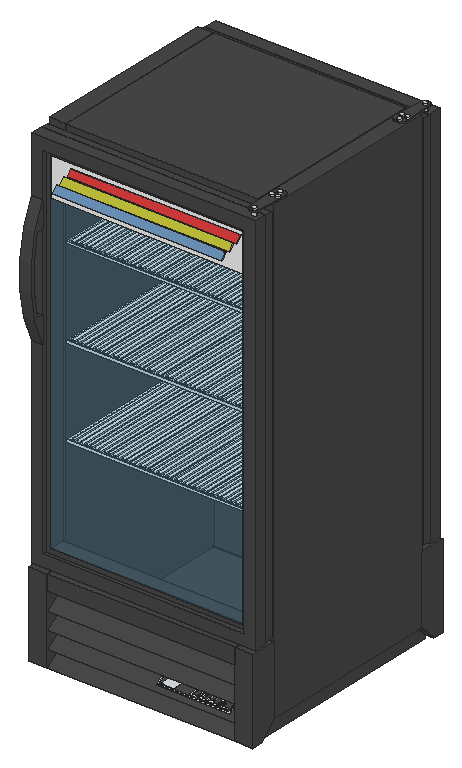
Revit family "QF_TRUE_GDM-10PT-HC~TSL01", category Specialty Equipment, Revit 2016 (continued)
Definition of nested family "GDM-10PT-HC-TSL01"
  Automatic sketch dimensions
    plane 4 "RIGHT" to Extrusion 45 sketch curve = 2.85165"
    Extrusion 45 sketch curve to Extrusion 45 sketch curve = 0.38386"  (x2)
    plane 3 "LEFT" to Extrusion 45 sketch curve = 3 7/32"
    Extrusion 45 sketch curve to plane 6 "TOP" = 4.96006"
    Extrusion 45 sketch curve to Extrusion 45 sketch curve = 1"
    plane 4 "RIGHT" to Extrusion 46 sketch curve = 3.66736"
    Extrusion 46 sketch curve to Extrusion 46 sketch curve = 0.38386"  (x2)
    plane 3 "LEFT" to Extrusion 46 sketch curve = 2.41902"
    Extrusion 46 sketch curve to plane 6 "TOP" = 3.83506"
    Extrusion 46 sketch curve to Extrusion 46 sketch curve = 1"
    plane 4 "RIGHT" to Extrusion 47 sketch curve = 2.03594"
    Extrusion 47 sketch curve to Extrusion 47 sketch curve = 0.38386"  (x2)
    plane 3 "LEFT" to Extrusion 47 sketch curve = 4.04011"
    Extrusion 47 sketch curve to plane 6 "TOP" = 6.08506"
    Extrusion 47 sketch curve to Extrusion 47 sketch curve = 1"
    Extrusion 48 sketch curve to Extrusion 37 = 4 21/32"
    Extrusion 37 to Extrusion 48 sketch curve = 12 13/32"
    plane 4 "RIGHT" to Extrusion 49 sketch curve = 1 3/4"
    Extrusion 49 sketch curve to plane 6 "TOP" = 6.58506"
    plane 10 to Extrusion 49 sketch curve = 11 13/16"
    plane 3 "LEFT" to Extrusion 49 sketch curve = 1 3/4"
    radius of Extrusion 19 sketch curve = 1/8"  (x41)
    radius of Extrusion 21 sketch curve = 1/8"  (x41)
    radius of Extrusion 23 sketch curve = 1/8"  (x41)
    radius of Extrusion 25 sketch curve = 1/4"  (x3)
    radius of Extrusion 43 sketch curve = 1/4"  (x3)
    radius of Extrusion 48 sketch curve = 1/4"
  Nested families (in)
    nested 1: "QF_LOGO_TRUE" at (13.73437, -25.70655, 2.22774), Show Logo <- "Show Logo", type "QF_LOGO_TRUE", detail levels medium+fine
      with Show Logo yes
  Connectors (in)
    electrical at (12.40625, -1.26521, 5.34375), driven by "Volts", driven by "Watts"
      settings: on Extrusion 37, index 1, voltage 0 V, apparent load 253 VA, apparent load phase1 0 VA, apparent load phase2 0 VA, apparent load phase3 0 VA, power factor 1, load classification none, number of poles 1, system type 30, power factor state 1, is connector primary yes, connector utility no, sub classification motor no, connector description "ELECTRICAL CONNECTION"
  Definition of nested family "QF_LOGO_TRUE"
    Parameters (values of type "QF_LOGO_TRUE")
      Show Logo [instance] = yes
    Reference planes (in)
      plane 1 "Center (Front/Back)": y = 0
      plane 2: z = 0
      plane 3 "Center (Left/Right)": x = 0
    Forms (in)
      Extrusion 1, solid, visible <- "Show Logo"
        sketch origin (-78.34647, -5.69797, -45.41461) x (1, 0, 0) y (0, 0.811961, 0.583711)
          loop
            line (81.15226, 31.65456) -> (81.07353, 31.48573) -> (82.12083, 31.48573)
            arc (82.12083, 31.48573) -> (82.14208, 31.44814) -> (82.12083, 31.41055) r 0.04386
            line (82.12083, 31.41055) -> (81.84767, 30.82478)
            arc (81.84767, 30.82478) -> (81.84531, 30.77052) -> (81.882, 30.73048) r 0.07096
            line (81.882, 30.73048) -> (82.55165, 30.73048)
            arc (82.55165, 30.73048) -> (82.63621, 30.75714) -> (82.69019, 30.82748) r 0.14742
            line (82.69019, 30.82748) -> (82.90515, 31.28847) -> (83.10265, 31.28847)
            arc (83.10265, 31.28847) -> (83.15447, 31.26942) -> (83.14697, 31.21472) r 0.04405
            line (83.14697, 31.21472) -> (82.9671, 30.82899)
            arc (82.9671, 30.82899) -> (82.9699, 30.76493) -> (83.02398, 30.73048) r 0.06943
            line (83.02398, 30.73048) -> (83.6124, 30.73048)
            arc (83.6124, 30.73048) -> (83.65748, 30.74689) -> (83.68147, 30.78844) r 0.07014
            arc (83.68147, 30.78844) -> (83.69845, 30.74745) -> (83.73943, 30.73048) r 0.05796
            line (83.73943, 30.73048) -> (84.112, 30.73048)
            arc (84.112, 30.73048) -> (84.15504, 30.74201) -> (84.18655, 30.77352) r 0.08608
            arc (84.18655, 30.77352) -> (84.20164, 30.7371) -> (84.23806, 30.72202) r 0.0515
            line (84.23806, 30.72202) -> (84.76757, 30.72202)
            arc (84.76757, 30.72202) -> (84.81086, 30.73995) -> (84.8288, 30.78324) r 0.06122
            arc (84.8288, 30.78324) -> (84.86848, 30.74355) -> (84.92269, 30.72903) r 0.10842
            line (84.92269, 30.72903) -> (85.91461, 30.72903) -> (86.02479, 30.91987) -> (85.0243, 30.91987)
            arc (85.0243, 30.91987) -> (84.99669, 30.93902) -> (84.99566, 30.97261) r 0.03732
            line (84.99566, 30.97261) -> (85.01297, 31.00972)
            arc (85.01297, 31.00972) -> (85.03954, 31.04453) -> (85.0813, 31.05774) r 0.07263
            line (85.0813, 31.05774) -> (85.40289, 31.05774)
            arc (85.40289, 31.05774) -> (85.4723, 31.07633) -> (85.52311, 31.12715) r 0.13882
            line (85.52311, 31.12715) -> (85.61625, 31.28847)
            arc (85.61625, 31.28847) -> (85.61625, 31.37458) -> (85.54168, 31.41763) r 0.08611
            line (85.54168, 31.41763) -> (85.20227, 31.41763)
            arc (85.20227, 31.41763) -> (85.11574, 31.40294) -> (85.05538, 31.33923) r 0.13863
            line (85.05538, 31.33923) -> (84.89409, 30.99333)
            arc (84.89409, 30.99333) -> (84.84649, 30.9313) -> (84.77191, 30.90778) r 0.13002
            line (84.77191, 30.90778) -> (84.41984, 30.90778)
            arc (84.41984, 30.90778) -> (84.3777, 30.95378) -> (84.38042, 31.0161) r 0.08151
            line (84.38042, 31.0161) -> (84.56766, 31.41763) -> (84.44849, 31.41763) -> (84.25012, 30.99222)
            arc (84.25012, 30.99222) -> (84.21158, 30.94199) -> (84.15119, 30.92296) r 0.10527
            line (84.15119, 30.92296) -> (83.90842, 30.92296)
            arc (83.90842, 30.92296) -> (83.8674, 30.97642) -> (83.87619, 31.04323) r 0.08805
            line (83.87619, 31.04323) -> (84.05078, 31.41763) -> (83.92772, 31.41763) -> (83.72676, 30.98668)
            arc (83.72676, 30.98668) -> (83.68011, 30.94003) -> (83.61639, 30.92296) r 0.12745
            line (83.61639, 30.92296) -> (83.26484, 30.92296)
            arc (83.26484, 30.92296) -> (83.2017, 30.9524) -> (83.19563, 31.0218) r 0.06967
            line (83.19563, 31.0218) -> (83.31118, 31.26961) -> (83.47452, 31.26961)
            arc (83.47452, 31.26961) -> (83.50209, 31.35268) -> (83.56075, 31.41763) r 0.21289
            line (83.56075, 31.41763) -> (82.92244, 31.41763)
            arc (82.92244, 31.41763) -> (82.85151, 31.40191) -> (82.80242, 31.34834) r 0.12081
            line (82.80242, 31.34834) -> (82.6294, 30.9773)
            arc (82.6294, 30.9773) -> (82.58962, 30.93752) -> (82.53528, 30.92296) r 0.10869
            line (82.53528, 30.92296) -> (82.1542, 30.92296)
            arc (82.1542, 30.92296) -> (82.12446, 30.96315) -> (82.13012, 31.01283) r 0.06822
            line (82.13012, 31.01283) -> (82.38156, 31.48573) -> (83.01596, 31.48573) -> (83.09469, 31.65456) -> (82.46029, 31.65456) -> (82.53902, 31.8234) -> (82.31334, 31.8234) -> (82.23461, 31.65456) -> (81.15226, 31.65456)
          loop
            arc (85.15937, 31.26434) -> (85.13191, 31.25698) -> (85.1118, 31.23688) r 0.05494
            line (85.1118, 31.23688) -> (85.09547, 31.18665)
            arc (85.09547, 31.18665) -> (85.10304, 31.16837) -> (85.12133, 31.16079) r 0.02586
            line (85.12133, 31.16079) -> (85.39889, 31.16079)
            arc (85.39889, 31.16079) -> (85.41888, 31.16523) -> (85.43513, 31.1777) r 0.04731
            line (85.43513, 31.1777) -> (85.44863, 31.2402)
            arc (85.44863, 31.2402) -> (85.44466, 31.25693) -> (85.42914, 31.26434) r 0.01994
            line (85.42914, 31.26434) -> (85.15937, 31.26434)
          loop
            line (78.62961, 30.74125) -> (80.12032, 30.74125) -> (80.73891, 31.81268) -> (79.2482, 31.81268) -> (78.62961, 30.74125)
        from 34.76797 to 34.83173
      Extrusion 2, solid, visible <- "Show Logo"
        sketch origin (-142.84857, -8.01816, -47.06044) x (1, 0, 0) y (0, 0.811961, 0.583711)
          loop
            line (150.81107, 34.71978) -> (142.98607, 34.71978) -> (142.98607, 33.4921) -> (150.81107, 33.4921) -> (150.81107, 34.71978)
        from 34.75108 to 34.78125
      Extrusion 3, solid, visible <- "Show Logo"
        sketch origin (-142.84857, -8.01816, -47.06044) x (1, 0, 0) y (0, 0.811961, 0.583711)
          loop
            line (150.94857, 34.85727) -> (142.84857, 34.85727) -> (142.84857, 33.3546) -> (150.94857, 33.3546) -> (150.94857, 34.85727)
          loop
            line (142.98607, 34.71978) -> (142.98607, 33.4921) -> (150.81107, 33.4921) -> (150.81107, 34.71978) -> (142.98607, 34.71978)
        from 34.75108 to 34.81376
      Extrusion 4, solid, not visible
        sketch origin (121.45701, -16.5, 4.98235) x (1, 0, 0) y (0, 0, 1)
          loop
            line (25.20115, 35.89949) -> (25.20115, 33.96647) -> (30.95381, 33.96647) -> (30.95381, 35.89949) -> (25.20115, 35.89949)
        from 31.5 to 31.54261
      Extrusion 5, solid, not visible
        sketch origin (121.45701, -16.5, 4.98235) x (1, 0, 0) y (0, 0, 1)
          loop
            line (26.7387, 34.95472) -> (26.61492, 34.49276) -> (27.038, 34.49276)
            arc (27.038, 34.49276) -> (27.13117, 34.52484) -> (27.18485, 34.60749) r 0.15134
            arc (27.18485, 34.60749) -> (27.20396, 34.68138) -> (27.22435, 34.75493) r 4.37326
            arc (27.22435, 34.75493) -> (27.23458, 34.81765) -> (27.22435, 34.88037) r 0.1974
            arc (27.22435, 34.88037) -> (27.18247, 34.93579) -> (27.11563, 34.95472) r 0.10914
            line (27.11563, 34.95472) -> (26.7387, 34.95472)
          loop
            line (26.90201, 34.80638) -> (26.84645, 34.59903) -> (26.92855, 34.59903)
            arc (26.92855, 34.59903) -> (26.98205, 34.6185) -> (27.01051, 34.6678) r 0.08322
            line (27.01051, 34.6678) -> (27.02399, 34.74424)
            arc (27.02399, 34.74424) -> (27.01491, 34.78454) -> (26.97985, 34.80638) r 0.05353
            line (26.97985, 34.80638) -> (26.90201, 34.80638)
          loop
            line (27.45336, 34.66131) -> (27.76233, 34.66131) -> (27.78859, 34.73909)
            arc (27.78859, 34.73909) -> (27.7878, 34.82039) -> (27.73107, 34.87864) r 0.10925
            arc (27.73107, 34.87864) -> (27.68233, 34.8944) -> (27.63139, 34.89974) r 0.24595
            line (27.63139, 34.89974) -> (27.46708, 34.89974)
            arc (27.46708, 34.89974) -> (27.4068, 34.88073) -> (27.3535, 34.84677) r 0.2421
            arc (27.3535, 34.84677) -> (27.2897, 34.76363) -> (27.26702, 34.66131) r 0.2421
            line (27.26702, 34.66131) -> (27.26702, 34.54477)
            arc (27.26702, 34.54477) -> (27.31618, 34.4956) -> (27.38334, 34.47761) r 0.13431
            line (27.38334, 34.47761) -> (27.59054, 34.47761)
            arc (27.59054, 34.47761) -> (27.63459, 34.48281) -> (27.67622, 34.49812) r 0.18924
            line (27.67622, 34.49812) -> (27.73102, 34.61563)
            arc (27.73102, 34.61563) -> (27.68453, 34.59565) -> (27.63566, 34.58252) r 0.35376
            arc (27.63566, 34.58252) -> (27.55885, 34.56956) -> (27.48204, 34.58252) r 0.23415
            arc (27.48204, 34.58252) -> (27.44492, 34.61362) -> (27.45336, 34.66131) r 0.04838
          loop
            line (27.4842, 34.73042) -> (27.62012, 34.73042) -> (27.62621, 34.76496)
            arc (27.62621, 34.76496) -> (27.58961, 34.80242) -> (27.53739, 34.80638) r 0.0742
            arc (27.53739, 34.80638) -> (27.49747, 34.77773) -> (27.4842, 34.73042) r 0.0742
          loop
            line (27.91616, 34.97572) -> (27.78675, 34.49276) -> (27.98645, 34.49276) -> (28.11586, 34.97572) -> (27.91616, 34.97572)
          loop
            line (28.13678, 34.66131) -> (28.08755, 34.47761) -> (28.27134, 34.47761) -> (28.32056, 34.66131) -> (28.43674, 34.66131) -> (28.47974, 34.78864) -> (28.36519, 34.78864)
            arc (28.36519, 34.78864) -> (28.35733, 34.81649) -> (28.36921, 34.84288) r 0.04231
            arc (28.36921, 34.84288) -> (28.431, 34.8652) -> (28.49617, 34.85686) r 0.13988
            line (28.49617, 34.85686) -> (28.53544, 34.97317)
            arc (28.53544, 34.97317) -> (28.39725, 34.99096) -> (28.25905, 34.97317) r 0.54546
            arc (28.25905, 34.97317) -> (28.20849, 34.91994) -> (28.18197, 34.85147) r 0.1894
            line (28.18197, 34.85147) -> (28.17089, 34.78864) -> (28.11397, 34.78864) -> (28.07985, 34.66131) -> (28.13678, 34.66131)
          loop
            arc (28.74846, 34.89756) -> (28.65884, 34.88533) -> (28.56922, 34.89756) r 0.33455
            line (28.56922, 34.89756) -> (28.45669, 34.47761) -> (28.63593, 34.47761) -> (28.74846, 34.89756)
          loop
            arc (28.60398, 35.01195) -> (28.57699, 34.97173) -> (28.60398, 34.9315) r 0.04347
            line (28.60398, 34.9315) -> (28.75755, 34.9315)
            arc (28.75755, 34.9315) -> (28.78645, 34.96687) -> (28.77911, 35.01195) r 0.0556
            line (28.77911, 35.01195) -> (28.60398, 35.01195)
          loop
            line (28.95336, 34.66131) -> (29.26233, 34.66131) -> (29.28859, 34.73909)
            arc (29.28859, 34.73909) -> (29.2878, 34.82039) -> (29.23107, 34.87864) r 0.10925
            arc (29.23107, 34.87864) -> (29.18233, 34.8944) -> (29.13139, 34.89974) r 0.24595
            line (29.13139, 34.89974) -> (28.96708, 34.89974)
            arc (28.96708, 34.89974) -> (28.9068, 34.88073) -> (28.8535, 34.84677) r 0.2421
            arc (28.8535, 34.84677) -> (28.7897, 34.76363) -> (28.76702, 34.66131) r 0.2421
            line (28.76702, 34.66131) -> (28.76702, 34.54477)
            arc (28.76702, 34.54477) -> (28.81618, 34.4956) -> (28.88334, 34.47761) r 0.13431
            line (28.88334, 34.47761) -> (29.09054, 34.47761)
            arc (29.09054, 34.47761) -> (29.13459, 34.48281) -> (29.17622, 34.49812) r 0.18924
            line (29.17622, 34.49812) -> (29.23102, 34.61563)
            arc (29.23102, 34.61563) -> (29.18453, 34.59565) -> (29.13566, 34.58252) r 0.35376
            arc (29.13566, 34.58252) -> (29.05885, 34.56956) -> (28.98204, 34.58252) r 0.23415
            arc (28.98204, 34.58252) -> (28.94492, 34.61362) -> (28.95336, 34.66131) r 0.04838
          loop
            line (28.9842, 34.73042) -> (29.12012, 34.73042) -> (29.12621, 34.76496)
            arc (29.12621, 34.76496) -> (29.08961, 34.80242) -> (29.03739, 34.80638) r 0.0742
            arc (29.03739, 34.80638) -> (28.99747, 34.77773) -> (28.9842, 34.73042) r 0.0742
          loop
            line (29.41616, 34.97572) -> (29.28675, 34.49276) -> (29.48645, 34.49276) -> (29.61586, 34.97572) -> (29.41616, 34.97572)
          loop
            line (29.99836, 34.97572) -> (29.95192, 34.80242)
            arc (29.95192, 34.80242) -> (29.94473, 34.85705) -> (29.90102, 34.89059) r 0.07199
            arc (29.90102, 34.89059) -> (29.80023, 34.89941) -> (29.70251, 34.87322) r 0.29131
            arc (29.70251, 34.87322) -> (29.61806, 34.7652) -> (29.5896, 34.63108) r 0.30433
            line (29.5896, 34.63108) -> (29.5896, 34.55572)
            arc (29.5896, 34.55572) -> (29.61075, 34.50463) -> (29.66184, 34.48348) r 0.07224
            line (29.66184, 34.48348) -> (29.78537, 34.48348)
            arc (29.78537, 34.48348) -> (29.83854, 34.51313) -> (29.88504, 34.55243) r 0.31609
            line (29.88504, 34.55243) -> (29.86905, 34.49276) -> (30.05973, 34.49276) -> (30.18914, 34.97572) -> (29.99836, 34.97572)
          loop
            arc (29.84537, 34.75931) -> (29.79424, 34.71128) -> (29.77745, 34.64317) r 0.12371
            arc (29.77745, 34.64317) -> (29.80071, 34.59901) -> (29.85056, 34.59647) r 0.05045
            arc (29.85056, 34.59647) -> (29.90141, 34.64047) -> (29.92536, 34.7033) r 0.13769
            arc (29.92536, 34.7033) -> (29.90211, 34.75521) -> (29.84537, 34.75931) r 0.05543
          loop
            line (26.45047, 35.26762) -> (26.58211, 35.26762)
            arc (26.58211, 35.26762) -> (26.60467, 35.30821) -> (26.62126, 35.35157) r 0.3277
            arc (26.62126, 35.35157) -> (26.62714, 35.39992) -> (26.60877, 35.44503) r 0.09693
            arc (26.60877, 35.44503) -> (26.56454, 35.48868) -> (26.50462, 35.50516) r 0.12312
            arc (26.50462, 35.50516) -> (26.44158, 35.50565) -> (26.37854, 35.50546) r 5.76967
            arc (26.37854, 35.50546) -> (26.07462, 35.42923) -> (25.81045, 35.26076) r 0.97743
            line (25.81045, 35.26076) -> (25.85921, 35.26076)
            arc (25.85921, 35.26076) -> (26.08494, 35.39361) -> (26.3396, 35.45485) r 0.88817
            arc (26.3396, 35.45485) -> (26.41429, 35.44188) -> (26.47267, 35.39352) r 0.14748
            arc (26.47267, 35.39352) -> (26.48041, 35.32725) -> (26.45047, 35.26762) r 0.11636
          loop
            arc (26.35412, 35.17841) -> (26.19578, 35.0555) -> (26.00982, 34.98069) r 0.72453
            arc (26.00982, 34.98069) -> (25.9036, 34.95581) -> (25.79459, 34.9604) r 0.40201
            arc (25.79459, 34.9604) -> (25.7275, 34.98819) -> (25.69972, 35.05528) r 0.09488
            arc (25.69972, 35.05528) -> (25.71867, 35.12629) -> (25.77049, 35.17841) r 0.1425
            line (25.77049, 35.17841) -> (25.73665, 35.18748)
            arc (25.73665, 35.18748) -> (25.67632, 35.09876) -> (25.66924, 34.99171) r 0.20432
            arc (25.66924, 34.99171) -> (25.71443, 34.9227) -> (25.79473, 34.90384) r 0.11116
            arc (25.79473, 34.90384) -> (25.91172, 34.89904) -> (26.02716, 34.91862) r 0.56145
            arc (26.02716, 34.91862) -> (26.27675, 35.021) -> (26.49584, 35.17841) r 1.15683
            line (26.49584, 35.17841) -> (26.35412, 35.17841)
        from 31.54261 to 31.56272
    Dimensions and locks (in)
      aligned and locked: level to plane 2
      aligned and locked: Extrusion 2 to Extrusion 3  (x2)
      aligned and locked: Extrusion 2 sketch curve to Extrusion 3
Definition of nested family "CASTER-LEGS"
  Parameters (values of type "CASTER-LEGS")
    Weight = ""
    URL Manufacturer = ""
    URL Cutsheet = ""
    URL = ""
    Type Mark [instance] = ""
    Status [instance] = ""
    Specification by User [instance] = ""
    Specification by Manufacturer = ""
    Show Siesmic Flanged [instance] = yes
    Show 6 Inches Legs [instance] = yes
    Show 6" Casters [instance] = yes
    Show 5" Casters [instance] = yes
    Show 4" Casters [instance] = yes
    Show 2.5 Standard Legs [instance] = yes
    Show 2.5 Casters [instance] = yes
    Serial Number = ""
    Seismic Rating = ""
    SMACNA No = ""
    Revision Code [instance] = ""
    Omniclass Number and Title = ""
    NAFEM Spec ID Number = ""
    Model = ""
    MasterSpec. = ""
    Manufacturer = ""
    Low Profile [instance] = yes
    Item Number [instance] = ""
    Installed By [instance] = ""
    Identify Quantity as Lot [instance] = yes
    Furnished By [instance] = ""
    Foodservice Equipment Identifier [instance] = yes
    Description = ""
    CSI MasterFormat = ""
    CSI Master Format = ""
    Assembly Code = ""
  Reference planes (in)
    plane 1: z = 0
    plane 2 "RIGHT": x = 0
    plane 3 "FRONT": y = 0
    plane 4 "TOP": z = 6
    plane 5: z = 2.125
    plane 6: z = 2.5
    plane 7: z = 6.25
  Forms (in)
    Revolve 1, solid, visible <- "Show 6 Inches Legs"
      sketch origin (11.12172, 0, 0) x (-1, 0, 0) y (0, 0, -1)
        loop
          line (11.12172, -6) -> (11.12172, 0) -> (10.62172, 0) -> (10.62172, -1.30261) -> (10.37172, -1.30261) -> (10.37172, -6) -> (11.12172, -6)
        axis (11.12172, 0) -> (11.12172, -6)
      angle from 0 to 360
    Extrusion 2, solid, visible <- "Show Siesmic Flanged"
      sketch origin (0, 0, 0) x (1, 0, 0) y (0, 1, 0)
        loop
          circle (-0.00825, 0) r 1
      from 0 to 0.125
    Revolve 3, solid, visible <- "Show Siesmic Flanged"
      sketch origin (11.12172, 0, 0) x (-1, 0, 0) y (0, 0, -1)
        loop
          line (11.12172, -6) -> (11.12172, -0.125) -> (10.62172, -0.125) -> (10.62172, -1.30261) -> (10.37172, -1.30261) -> (10.37172, -6) -> (11.12172, -6)
        axis (11.12172, -0.125) -> (11.12172, -6)
      angle from 0 to 360
    Revolve 4, solid, visible <- "Show 2.5 Standard Legs"
      sketch origin (11.12172, 0, 0) x (-1, 0, 0) y (0, 0, -1)
        loop
          line (11.12172, -2.5) -> (11.12172, 0) -> (10.62172, 0) -> (10.62172, -0.75) -> (10.37172, -0.75) -> (10.37172, -2.5) -> (11.12172, -2.5)
        axis (11.12172, 0) -> (11.12172, -2.5)
      angle from 0 to 360
  Dimensions and locks (in)
    plane 4 "TOP" to level = 6"  (x2)
    locked: Revolve 1 sketch curve to Revolve 1 sketch curve at 1.30261
    locked: Revolve 1 sketch curve to Revolve 1 sketch curve at 0.75
    nested 1 to level = 5"
    plane 6 to plane 1 = 2 1/2"
    plane 5 to plane 1 = 2 1/8"
    plane 7 to plane 1 = 6 1/4"
    locked: Revolve 3 sketch curve to Revolve 3 sketch curve at 0.75
    aligned and locked: level to plane 1
  Nested families (in)
    nested 1: "PITCO_5 INCHES CASTER" at (0, 0, 0), Show Casters <- "Show 5" Casters", type "PITCO_5 INCHES CASTER"
      with Type Mark "", Status "", Specification by User "", Show Casters yes, Revision Code "", Item Number "", Installed By "", Identify Quantity as Lot yes, Furnished By "", Foodservice Equipment Identifier yes
    nested 2: "2.13" at (0, 0, 0), 2.5 Inches Caster <- "Low Profile", type "2.13", not visible
      with Type Mark "", Status "", Specification by User "", Revision Code "", Item Number "", Installed By "", Identify Quantity as Lot yes, Furnished By "", Foodservice Equipment Identifier yes, 2.5 Inches Caster yes
    nested 3: "C4" at (0, 0, 0), Show 4 Inches Casters <- "Show 4" Casters", type "C4"
      with Type Mark "", Specification by User "", Show 4 Inches Casters yes, Revision Code "", Item Number "", Installed By "", Identify Quantity as Lot yes, Furnished By "", Foodservice Equipment Identifier yes
    nested 4: "6 Inches Leg & Caster" at (0, 0, 0), Show Casters <- "Show 6" Casters", type "6 Inches Leg & Caster"
      with Type Mark "", Status "", Specification by User "", Show Casters yes, Revision Code "", Item Number "", Installed By "", Identify Quantity as Lot yes, Furnished By "", Foodservice Equipment Identifier yes
    nested 5: "C2.5" at (0, -0.86941, 0), 2.5 Inches Caster <- "Show 2.5 Casters", type "C2.5"
      with Type Mark "", Status "", Specification by User "", Revision Code "", Item Number "", Installed By "", Identify Quantity as Lot yes, Furnished By "", Foodservice Equipment Identifier yes, 2.5 Inches Caster yes
  Definition of nested family "PITCO_5 INCHES CASTER"
    Parameters (values of type "PITCO_5 INCHES CASTER")
      Weight = ""
      URL Manufacturer = ""
      URL Cutsheet = ""
      URL = ""
      Type Mark [instance] = ""
      Status [instance] = ""
      Specification by User [instance] = ""
      Specification by Manufacturer = ""
      Show Casters [instance] = yes
      Rubber = none
      Chrome = none
      Serial Number = ""
      Seismic Rating = ""
      SMACNA No = ""
      Revision Code [instance] = ""
      Omniclass Number and Title = ""
      NAFEM Spec ID Number = ""
      Model = ""
      MasterSpec. = ""
      Manufacturer = ""
      Item Number [instance] = ""
      Installed By [instance] = ""
      Identify Quantity as Lot [instance] = yes
      Furnished By [instance] = ""
      Foodservice Equipment Identifier [instance] = yes
      Description = ""
      CSI MasterFormat = ""
      CSI Master Format = ""
      Assembly Code = ""
    Reference planes (in)
      plane 1: z = 0
      plane 2 "RIGHT": x = 0
      plane 3 "FRONT": y = 0
      plane 4 "TOP": z = 5
      plane 5: z = 5.0625
    Forms (in)
      Revolve 1, solid, visible <- "Show Casters"
        sketch origin (-180, 1.0625, -34.67466) x (0, 0, -1) y (-1, 0, 0)
          loop
            line (-34.67466, -180.64009) -> (-34.67466, -179.35991) -> (-35.17466, -179.35991) -> (-35.17466, -179.48491) -> (-35.42466, -179.48491) -> (-35.42466, -179.64009) -> (-36.48519, -179.60306) -> (-36.48519, -178.85852) -> (-36.5316, -178.85852) -> (-36.5316, -178.71719) -> (-36.70591, -178.71719) -> (-36.70591, -181.28281) -> (-36.5316, -181.28281) -> (-36.5316, -181.14148) -> (-36.48519, -181.14148) -> (-36.48519, -180.39694) -> (-35.42466, -180.35991) -> (-35.42466, -180.51509) -> (-35.17466, -180.51509) -> (-35.17466, -180.64009) -> (-34.67466, -180.64009)
          axis (-36.70591, -181.28281) -> (-36.70591, -178.71719)
        angle from 0 to 360
      Extrusion 2, solid, visible <- "Show Casters"
        sketch origin (0, 0, -1.11142) x (0, -1, 0) y (1, 0, 0)
          loop
            circle (0, 0) r 1.5
        from 5.61142 to 6.17392
      Extrusion 3, solid, visible <- "Show Casters"
        sketch origin (0, 0, 0.289) x (0, -1, 0) y (0, 0, 1)
          loop
            arc (0.91808, 3.59427) -> (1.13645, 3.7909) -> (1.42156, 3.86198) r 0.60732
            line (1.42156, 3.86198) -> (1.46208, 3.86198) -> (1.43155, 4.211) -> (-1.43155, 4.211)
            arc (-1.43155, 4.211) -> (-1.62474, 4.13098) -> (-1.70476, 3.93778) r 0.27322
            line (-1.70476, 3.93778) -> (-1.70476, 3.78861) -> (-1.76351, 2.11371) -> (-1.82446, 1.68005)
            arc (-1.82446, 1.68005) -> (-1.73191, 1.41127) -> (-1.46007, 1.32816) r 0.31307
            line (-1.46007, 1.32816) -> (-0.60834, 1.47835)
            arc (-0.60834, 1.47835) -> (-0.50841, 1.51771) -> (-0.43181, 1.59299) r 0.26936
            line (-0.43181, 1.59299) -> (0.91808, 3.59427)
        from 0.84601 to 1.05998
      Extrusion 4, solid, visible <- "Show Casters"
        sketch origin (0, 0, -0.82242) x (0, -1, 0) y (0, 0, -1)
          loop
            line (1.43155, -5.32242) -> (1.46208, -4.9734) -> (1.42156, -4.9734)
            arc (1.42156, -4.9734) -> (1.13645, -4.90232) -> (0.91808, -4.70569) r 0.60732
            line (0.91808, -4.70569) -> (-0.43181, -2.70441)
            arc (-0.43181, -2.70441) -> (-0.50841, -2.62913) -> (-0.60834, -2.58977) r 0.26936
            line (-0.60834, -2.58977) -> (-1.46007, -2.43958)
            arc (-1.46007, -2.43958) -> (-1.73191, -2.52269) -> (-1.82446, -2.79147) r 0.31307
            line (-1.82446, -2.79147) -> (-1.76351, -3.22513) -> (-1.70476, -4.90003) -> (-1.70476, -5.0492)
            arc (-1.70476, -5.0492) -> (-1.62474, -5.2424) -> (-1.43155, -5.32242) r 0.27322
            line (-1.43155, -5.32242) -> (1.43155, -5.32242)
        from 0.84601 to 1.05998
      Extrusion 5, solid, visible <- "Show Casters"
        sketch origin (-0.84601, 0, 0.289) x (0, 1, 0) y (0, 0, 1)
          loop
            line (1.43155, 4.211) -> (-1.43155, 4.211) -> (-1.46208, 3.86198) -> (-1.42156, 3.86198)
            arc (-1.42156, 3.86198) -> (-1.13645, 3.7909) -> (-0.91808, 3.59427) r 0.60732
            arc (-0.91808, 3.59427) -> (0.37927, 3.88135) -> (1.70476, 3.78861) r 4.63574
            line (1.70476, 3.78861) -> (1.70476, 3.93778)
            arc (1.70476, 3.93778) -> (1.62474, 4.13098) -> (1.43155, 4.211) r 0.27322
        from 0 to 1.69203
    Cuts and joins
      joined: Extrusion 3, Extrusion 4, Extrusion 5
    Lines and regions (in)
      symbolic lines, visible <- "Show Casters"
        curve 1: line (0.70901, 2.6399, 0) -> (1.79507, 2.01286, 0)
        curve 2: line (-1.79099, -1.69023, 0) -> (0.70901, 2.6399, 0)
        curve 3: line (-0.70493, -2.31727, 0) -> (-1.79099, -1.69023, 0)
        curve 4: line (1.79507, 2.01286, 0) -> (-0.70493, -2.31727, 0)
    Dimensions and locks (in)
      plane 4 "TOP" to level = 5"  (x2)
      plane 5 to level = 5 1/16"
      aligned and locked: level to plane 1
  Definition of nested family "2.13"
    Parameters
      Weight = ""
      URL Manufacturer = ""
      URL Cutsheet = ""
      URL = ""
      Type Mark [instance] = ""
      Status [instance] = ""
      Specification by User [instance] = ""
      Specification by Manufacturer = ""
      Serial Number = ""
      Seismic Rating = ""
      SMACNA No = ""
      Revision Code [instance] = ""
      Omniclass Number and Title = ""
      NAFEM Spec ID Number = ""
      Model = ""
      MasterSpec. = ""
      Manufacturer = ""
      Item Number [instance] = ""
      Installed By [instance] = ""
      Identify Quantity as Lot [instance] = yes
      Furnished By [instance] = ""
      Foodservice Equipment Identifier [instance] = yes
      Description = ""
      CSI MasterFormat = ""
      CSI Master Format = ""
      Assembly Code = ""
      2.5 Inches Caster [instance] = yes
    Reference planes (in)
      plane 1: z = 0
      plane 2 "RIGHT": x = 0
      plane 3 "FRONT": y = 0
      plane 4 "TOP": z = 2.125
    Forms (in)
      Revolve 1, solid, visible <- "2.5 Inches Caster"
        sketch origin (-1.93794, 0.83816, -1.0041) x (1, 0, 0) y (0, 0, 1)
          loop
            line (0.74055, 1.76972) -> (0.74055, 1.69422) -> (0.79055, 1.64422) -> (0.85055, 1.64422) -> (0.85055, 1.52415) -> (1.235, 1.52415) -> (1.235, 1.4568) -> (1.38673, 1.3692) -> (1.4003, 1.28535) -> (1.34375, 1.28535) -> (1.34375, 1.16035) -> (1.375, 1.16035) -> (1.375, 1.0041) -> (1.87544, 1.0041) -> (1.87544, 1.52415) -> (2.00044, 1.52415) -> (2.00044, 1.0041) -> (2.48438, 1.0041) -> (2.48438, 1.16035) -> (2.51563, 1.16035) -> (2.51563, 1.28535) -> (2.45908, 1.28535) -> (2.47322, 1.37272) -> (2.62438, 1.45999) -> (2.62438, 1.52415) -> (3.04007, 1.52415) -> (3.04007, 1.64422) -> (3.10007, 1.64422) -> (3.15007, 1.69422) -> (3.15007, 1.76972) -> (0.74055, 1.76972)
          axis (0.74055, 1.76972) -> (3.15007, 1.76972)
        angle from 0 to 360
      Extrusion 2, solid, visible <- "2.5 Inches Caster"
        sketch origin (-1.93794, 1.80294, -3.6291) x (0, 1, 0) y (0, 0, 1)
          loop
            line (-0.64294, 5.43229) -> (-0.64294, 5.55298) -> (-2.21294, 5.55298) -> (-2.21294, 5.30272) -> (-1.81966, 5.30272)
            arc (-1.81966, 5.30272) -> (-1.13638, 5.20789) -> (-0.46376, 5.05475) r 8.02767
            arc (-0.46376, 5.05475) -> (-0.19511, 4.95469) -> (0.05138, 4.80832) r 1.60049
            line (0.05138, 4.80832) -> (0.12713, 4.91318)
            arc (0.12713, 4.91318) -> (-0.07255, 5.06376) -> (-0.29048, 5.18644) r 1.8753
            line (-0.29048, 5.18644) -> (-0.22239, 5.30423)
            arc (-0.22239, 5.30423) -> (-0.42776, 5.38437) -> (-0.64294, 5.43229) r 1.44292
        from 1.17357 to 2.70231
      Revolve 3, solid, visible <- "2.5 Inches Caster"
        sketch origin (0, 2.10856, -4.125) x (0, 1, 0) y (0, 0, 1)
          loop
            line (-1.73858, 6.25) -> (-1.73858, 6.04889) -> (-1.05793, 6.04889) -> (-1.05793, 6.25) -> (-1.73858, 6.25)
          axis (-1.73858, 6.04889) -> (-1.73858, 6.25)
        angle from 0 to 360
      Extrusion 4, solid, visible <- "2.5 Inches Caster"
        sketch origin (-1.98481, 1.80294, -2.1291) x (0, 1, 0) y (0, 0, 1)
          loop
            line (-2.21294, 4.05298) -> (-2.21294, 3.80272) -> (-2.13999, 3.80272)
            arc (-2.13999, 3.80272) -> (-1.62379, 3.51899) -> (-1.39241, 2.97729) r 0.90292
            arc (-1.39241, 2.97729) -> (-1.36136, 2.78161) -> (-1.29729, 2.59413) r 1.15385
            arc (-1.29729, 2.59413) -> (-0.94802, 2.37355) -> (-0.6121, 2.61396) r 0.37001
            arc (-0.6121, 2.61396) -> (-0.59625, 2.66241) -> (-0.58446, 2.712) r 0.61695
            arc (-0.58446, 2.712) -> (-0.36134, 3.11665) -> (0.05609, 3.31484) r 0.75313
            line (0.05609, 3.31484) -> (0.12713, 3.41318)
            arc (0.12713, 3.41318) -> (-0.07255, 3.56376) -> (-0.29048, 3.68644) r 1.8753
            line (-0.29048, 3.68644) -> (-0.22239, 3.80423)
            arc (-0.22239, 3.80423) -> (-0.42776, 3.88437) -> (-0.64294, 3.93229) r 1.44292
            line (-0.64294, 3.93229) -> (-0.64294, 4.05298) -> (-2.21294, 4.05298)
        from 2.74918 to 2.90825
      Extrusion 5, solid, visible <- "2.5 Inches Caster"
        sketch origin (1.98481, 1.80294, -2.1291) x (0, 1, 0) y (0, 0, -1)
          loop
            line (-2.21294, -4.05298) -> (-0.64294, -4.05298) -> (-0.64294, -3.93229)
            arc (-0.64294, -3.93229) -> (-0.42776, -3.88437) -> (-0.22239, -3.80423) r 1.44292
            line (-0.22239, -3.80423) -> (-0.29048, -3.68644)
            arc (-0.29048, -3.68644) -> (-0.07255, -3.56376) -> (0.12713, -3.41318) r 1.8753
            line (0.12713, -3.41318) -> (0.05609, -3.31484)
            arc (0.05609, -3.31484) -> (-0.36134, -3.11665) -> (-0.58446, -2.712) r 0.75313
            arc (-0.58446, -2.712) -> (-0.59625, -2.66241) -> (-0.6121, -2.61396) r 0.61695
            arc (-0.6121, -2.61396) -> (-0.94802, -2.37355) -> (-1.29729, -2.59413) r 0.37001
            arc (-1.29729, -2.59413) -> (-1.36136, -2.78161) -> (-1.39241, -2.97729) r 1.15385
            arc (-1.39241, -2.97729) -> (-1.62379, -3.51899) -> (-2.13999, -3.80272) r 0.90292
            line (-2.13999, -3.80272) -> (-2.21294, -3.80272) -> (-2.21294, -4.05298)
        from 2.74918 to 2.90825
    Lines and regions (in)
      symbolic lines, visible <- "2.5 Inches Caster"
        curve 1: line (0.10651, 1.27186, 0) -> (0.80944, 0.86603, 0)
        curve 2: line (-0.89349, -0.46019, 0) -> (0.10651, 1.27186, 0)
        curve 3: line (-0.19056, -0.86603, 0) -> (-0.89349, -0.46019, 0)
        curve 4: line (0.80944, 0.86603, 0) -> (-0.19056, -0.86603, 0)
    Dimensions and locks (in)
      plane 4 "TOP" to level = 2 1/8"  (x2)
      aligned and locked: level to plane 1
  Definition of nested family "C4"
    Parameters
      Weight = ""
      URL Manufacturer = ""
      URL Cutsheet = ""
      URL = ""
      Type Mark [instance] = ""
      Specification by User [instance] = ""
      Specification by Manufacturer = ""
      Show 4 Inches Casters [instance] = yes
      Serial Number = ""
      Seismic Rating = ""
      SMACNA No = ""
      Revision Code [instance] = ""
      Omniclass Number and Title = ""
      NAFEM Spec ID Number = ""
      Model = ""
      MasterSpec. = ""
      Manufacturer = ""
      Item Number [instance] = ""
      Installed By [instance] = ""
      Identify Quantity as Lot [instance] = yes
      Furnished By [instance] = ""
      Foodservice Equipment Identifier [instance] = yes
      Description = ""
      CSI MasterFormat = ""
      CSI Master Format = ""
      Assembly Code = ""
    Reference planes (in)
      plane 1: z = 0
      plane 2 "RIGHT": x = 0
      plane 3 "FRONT": y = 0
      plane 4 "TOP": z = 4
    Forms (in)
      Revolve 1, solid, visible <- "Show 4 Inches Casters"
        sketch origin (-1.93794, 0.83816, -1.0041) x (1, 0, 0) y (0, 0, 1)
          loop
            line (0.74055, 2.5041) -> (3.15007, 2.5041) -> (3.15007, 2.5796) -> (3.10007, 2.6296) -> (3.04007, 2.6296) -> (3.04007, 2.74967) -> (2.62438, 2.74967) -> (2.62438, 2.93884) -> (2.48438, 3.01967) -> (2.45908, 3.17597) -> (2.51563, 3.17597) -> (2.51563, 3.41035) -> (2.48438, 3.41035) -> (2.48438, 4.0041) -> (1.375, 4.0041) -> (1.375, 3.41035) -> (1.34375, 3.41035) -> (1.34375, 3.17597) -> (1.4003, 3.17597) -> (1.37557, 3.02318) -> (1.235, 2.94202) -> (1.235, 2.74967) -> (0.85055, 2.74967) -> (0.85055, 2.6296) -> (0.79055, 2.6296) -> (0.74055, 2.5796) -> (0.74055, 2.5041)
          axis (0.74055, 2.5041) -> (3.15007, 2.5041)
        angle from 0 to 360
      Extrusion 2, solid, visible <- "Show 4 Inches Casters"
        sketch origin (-1.93794, 1.80294, -1.7541) x (0, 1, 0) y (0, 0, 1)
          loop
            line (-3.08794, 5.33423) -> (-3.08794, 5.00584) -> (-2.69466, 5.00584)
            arc (-2.69466, 5.00584) -> (-1.57175, 4.94895) -> (-0.46376, 4.75787) r 9.36411
            arc (-0.46376, 4.75787) -> (-0.05889, 4.58436) -> (0.28335, 4.30705) r 1.60049
            line (0.28335, 4.30705) -> (0.34449, 4.39437)
            arc (0.34449, 4.39437) -> (0.12713, 4.6163) -> (-0.1239, 4.79931) r 1.8753
            line (-0.1239, 4.79931) -> (-0.05749, 4.91421)
            arc (-0.05749, 4.91421) -> (-0.33807, 5.05694) -> (-0.64294, 5.13542) r 1.44292
            line (-0.64294, 5.13542) -> (-0.64294, 5.33423) -> (-3.08794, 5.33423)
        from 1.1267 to 2.74918
      Revolve 3, solid, visible <- "Show 4 Inches Casters"
        sketch origin (0, 2.15543, -2.25) x (0, 1, 0) y (0, 0, 1)
          loop
            line (-2.21793, 6.25) -> (-2.21793, 5.83014) -> (-1.05793, 5.83014) -> (-1.05793, 6.25) -> (-2.21793, 6.25)
          axis (-2.21793, 5.83014) -> (-2.21793, 6.25)
        angle from 0 to 360
      Extrusion 4, solid, visible <- "Show 4 Inches Casters"
        sketch origin (-1.93794, 1.80294, -1.7541) x (0, 1, 0) y (0, 0, 1)
          loop
            line (-3.08794, 5.33423) -> (-3.08794, 5.00584) -> (-2.8913, 5.00584)
            arc (-2.8913, 5.00584) -> (-2.09118, 4.14057) -> (-1.45681, 3.14736) r 6.63355
            arc (-1.45681, 3.14736) -> (-0.85703, 2.75969) -> (-0.4561, 3.35069) r 0.5107
            arc (-0.4561, 3.35069) -> (-0.27092, 3.92503) -> (0.24034, 4.24562) r 0.88136
            line (0.24034, 4.24562) -> (0.34449, 4.39437)
            arc (0.34449, 4.39437) -> (0.12713, 4.6163) -> (-0.1239, 4.79931) r 1.8753
            line (-0.1239, 4.79931) -> (-0.05749, 4.91421)
            arc (-0.05749, 4.91421) -> (-0.33807, 5.05694) -> (-0.64294, 5.13542) r 1.44292
            line (-0.64294, 5.13542) -> (-0.64294, 5.33423) -> (-3.08794, 5.33423)
        from 2.74918 to 2.90825
      Extrusion 5, solid, visible <- "Show 4 Inches Casters"
        sketch origin (1.93794, 1.80294, -1.7541) x (0, 1, 0) y (0, 0, -1)
          loop
            line (-3.08794, -5.33423) -> (-0.64294, -5.33423) -> (-0.64294, -5.13542)
            arc (-0.64294, -5.13542) -> (-0.33807, -5.05694) -> (-0.05749, -4.91421) r 1.44292
            line (-0.05749, -4.91421) -> (-0.1239, -4.79931)
            arc (-0.1239, -4.79931) -> (0.12713, -4.6163) -> (0.34449, -4.39437) r 1.8753
            line (0.34449, -4.39437) -> (0.24034, -4.24562)
            arc (0.24034, -4.24562) -> (-0.27092, -3.92503) -> (-0.4561, -3.35069) r 0.88136
            arc (-0.4561, -3.35069) -> (-0.85703, -2.75969) -> (-1.45681, -3.14736) r 0.5107
            arc (-1.45681, -3.14736) -> (-2.09118, -4.14057) -> (-2.8913, -5.00584) r 6.63355
            line (-2.8913, -5.00584) -> (-3.08794, -5.00584) -> (-3.08794, -5.33423)
        from 2.74918 to 2.90825
    Cuts and joins
      joined: Extrusion 2, Extrusion 4, Extrusion 5
    Lines and regions (in)
      symbolic lines, visible <- "Show 4 Inches Casters"
        curve 1: line (0.28481, 1.83041, 0) -> (1.24556, 1.27572, 0)
        curve 2: line (-1.26206, -0.84886, 0) -> (0.28481, 1.83041, 0)
        curve 3: line (-0.30132, -1.40355, 0) -> (-1.26206, -0.84886, 0)
        curve 4: line (1.24556, 1.27572, 0) -> (-0.30132, -1.40355, 0)
    Dimensions and locks (in)
      plane 4 "TOP" to level = 4"  (x2)
      aligned and locked: level to plane 1
  Definition of nested family "6 Inches Leg & Caster"
    Parameters
      Weight = ""
      URL Manufacturer = ""
      URL Cutsheet = ""
      URL = ""
      Type Mark [instance] = ""
      Status [instance] = ""
      Specification by User [instance] = ""
      Specification by Manufacturer = ""
      Show Casters [instance] = yes
      Serial Number = ""
      Seismic Rating = ""
      SMACNA No = ""
      Revision Code [instance] = ""
      Omniclass Number and Title = ""
      NAFEM Spec ID Number = ""
      Model = ""
      MasterSpec. = ""
      Manufacturer = ""
      Item Number [instance] = ""
      Installed By [instance] = ""
      Identify Quantity as Lot [instance] = yes
      Furnished By [instance] = ""
      Foodservice Equipment Identifier [instance] = yes
      Description = ""
      CSI MasterFormat = ""
      CSI Master Format = ""
    Reference planes (in)
      plane 1 "BACK": y = 0
      plane 2: z = 0
      plane 3 "LEFT": x = 0
      plane 4 "RIGHT": x = 0
      plane 5 "FRONT": y = 0
      plane 6 "TOP": z = 6.25
    Forms (in)
      Revolve 1, solid, visible <- "Show Casters"
        sketch origin (-2.21793, 0, -0.25) x (-1, 0, 0) y (0, 0, 1)
          loop
            line (-2.21793, 6) -> (-2.21793, 5.55584) -> (-0.93693, 5.55584) -> (-0.93693, 6) -> (-2.21793, 6)
          axis (-2.21793, 5.55584) -> (-2.21793, 6)
        angle from 0 to 360
      Extrusion 2, solid, visible <- "Show Casters"
        sketch origin (0.25594, 2.21793, -0.1875) x (0, 1, 0) y (0, 0, 1)
          loop
            line (-3.37793, 5.49334) -> (-3.37793, 5.24334) -> (-1.63015, 2.08504)
            arc (-1.63015, 2.08504) -> (-0.63555, 1.74359) -> (-0.1951, 2.69848) r 0.78437
            line (-0.1951, 2.69848) -> (-1.06726, 5.49334) -> (-3.37793, 5.49334)
        from 0.78968 to 0.90247
      Extrusion 3, solid, visible <- "Show Casters"
        sketch origin (0, 0, 5.75) x (0, 1, 0) y (-1, 0, 0)
          loop
            circle (0, 0) r 0.75
        from 0 to 0.5
      Extrusion 4, solid, visible <- "Show Casters"
        sketch origin (-0.25594, 2.21793, -0.1875) x (0, 1, 0) y (0, 0, -1)
          loop
            line (-3.37793, -5.49334) -> (-1.06726, -5.49334) -> (-0.1951, -2.69848)
            arc (-0.1951, -2.69848) -> (-0.63555, -1.74359) -> (-1.63015, -2.08504) r 0.78437
            line (-1.63015, -2.08504) -> (-3.37793, -5.24334) -> (-3.37793, -5.49334)
        from 0.78968 to 0.90247
      Extrusion 5, solid, visible <- "Show Casters"
        sketch origin (0, 0, 0.75) x (0, 1, 0) y (0, 0, 1)
          loop
            line (-1.16, 4.55584) -> (-1.16, 4.30584) -> (1.15067, 4.30584) -> (1.15067, 4.55584) -> (-1.16, 4.55584)
        from -1.04562 to 1.04562
      Revolve 6, solid, visible <- "Show Casters"
        sketch origin (-1.9375, 1.23015, -0.12802) x (1, 0, 0) y (0, 0, 1)
          loop
            line (0.5843, 2.5041) -> (0.5843, 2.3661) -> (0.6343, 2.3161) -> (0.6943, 2.3161) -> (0.6943, 2.1804) -> (1.1725, 2.1804) -> (1.1725, 1.78493) -> (1.31307, 1.70377) -> (1.42647, 1.00302) -> (1.28125, 1.00302) -> (1.28125, 0.75302) -> (1.3125, 0.75302) -> (1.3125, 0.50302)
            arc (1.3125, 0.50302) -> (1.42233, 0.23785) -> (1.6875, 0.12802) r 0.375
            line (1.6875, 0.12802) -> (2.1875, 0.12802)
            arc (2.1875, 0.12802) -> (2.45267, 0.23785) -> (2.5625, 0.50302) r 0.375
            line (2.5625, 0.50302) -> (2.5625, 0.75302) -> (2.59375, 0.75302) -> (2.59375, 1.00302) -> (2.44853, 1.00302) -> (2.5625, 1.70728) -> (2.7025, 1.78811) -> (2.7025, 2.1804) -> (3.1807, 2.1804) -> (3.1807, 2.3161) -> (3.2407, 2.3161) -> (3.2907, 2.3661) -> (3.2907, 2.5041) -> (0.5843, 2.5041)
          axis (0.5843, 2.5041) -> (3.2907, 2.5041)
        angle from 0 to 360
    Cuts and joins
      joined: Extrusion 2, Extrusion 4, Extrusion 5
    Lines and regions (in)
      symbolic lines, visible <- "Show Casters"
        curve 1: line (0.46086, 2.04455, 0) -> (1.54339, 1.41955, 0)
        curve 2: line (-1.53914, -1.41955, 0) -> (0.46086, 2.04455, 0)
        curve 3: line (-0.45661, -2.04455, 0) -> (-1.53914, -1.41955, 0)
        curve 4: line (1.54339, 1.41955, 0) -> (-0.45661, -2.04455, 0)
    Dimensions and locks (in)
      plane 6 "TOP" to level = 6 1/4"  (x2)
      aligned and locked: level to plane 2
  Definition of nested family "C2.5"
    Parameters
      Weight = ""
      URL Manufacturer = ""
      URL Cutsheet = ""
      URL = ""
      Type Mark [instance] = ""
      Status [instance] = ""
      Specification by User [instance] = ""
      Specification by Manufacturer = ""
      Serial Number = ""
      Seismic Rating = ""
      SMACNA No = ""
      Revision Code [instance] = ""
      Omniclass Number and Title = ""
      NAFEM Spec ID Number = ""
      Model = ""
      MasterSpec. = ""
      Manufacturer = ""
      Item Number [instance] = ""
      Installed By [instance] = ""
      Identify Quantity as Lot [instance] = yes
      Furnished By [instance] = ""
      Foodservice Equipment Identifier [instance] = yes
      Description = ""
      CSI MasterFormat = ""
      CSI Master Format = ""
      Assembly Code = ""
      2.5 Inches Caster [instance] = yes
    Reference planes (in)
      plane 1: z = 0
      plane 2 "RIGHT": x = 0
      plane 3 "FRONT": y = 0
      plane 4 "TOP": z = 2.5
    Forms (in)
      Revolve 1, solid, visible <- "2.5 Inches Caster"
        sketch origin (-1.93794, 0.83816, -1.0041) x (1, 0, 0) y (0, 0, 1)
          loop
            line (0.74055, 1.92597) -> (0.74055, 1.85047) -> (0.79055, 1.80047) -> (0.85055, 1.80047) -> (0.85055, 1.6804) -> (1.235, 1.6804) -> (1.235, 1.61305) -> (1.38673, 1.52545) -> (1.4003, 1.4416) -> (1.34375, 1.4416) -> (1.34375, 1.3166) -> (1.375, 1.3166) -> (1.375, 1.0041) -> (2.48438, 1.0041) -> (2.48438, 1.3166) -> (2.51563, 1.3166) -> (2.51563, 1.4416) -> (2.45908, 1.4416) -> (2.47322, 1.52897) -> (2.62438, 1.61624) -> (2.62438, 1.6804) -> (3.04007, 1.6804) -> (3.04007, 1.80047) -> (3.10007, 1.80047) -> (3.15007, 1.85047) -> (3.15007, 1.92597) -> (0.74055, 1.92597)
          axis (0.74055, 1.92597) -> (3.15007, 1.92597)
        angle from 0 to 360
      Extrusion 2, solid, visible <- "2.5 Inches Caster"
        sketch origin (-1.93794, 1.80294, -3.2541) x (0, 1, 0) y (0, 0, 1)
          loop
            line (-0.64294, 5.43229) -> (-0.64294, 5.55298) -> (-2.21294, 5.55298) -> (-2.21294, 5.30272) -> (-1.81966, 5.30272)
            arc (-1.81966, 5.30272) -> (-1.13638, 5.20789) -> (-0.46376, 5.05475) r 8.02767
            arc (-0.46376, 5.05475) -> (-0.19511, 4.95469) -> (0.05138, 4.80832) r 1.60049
            line (0.05138, 4.80832) -> (0.12713, 4.91318)
            arc (0.12713, 4.91318) -> (-0.07255, 5.06376) -> (-0.29048, 5.18644) r 1.8753
            line (-0.29048, 5.18644) -> (-0.22239, 5.30423)
            arc (-0.22239, 5.30423) -> (-0.42776, 5.38437) -> (-0.64294, 5.43229) r 1.44292
        from 1.17357 to 2.70231
      Revolve 3, solid, visible <- "2.5 Inches Caster"
        sketch origin (0, 2.10856, -3.75) x (0, 1, 0) y (0, 0, 1)
          loop
            line (-1.73858, 6.25) -> (-1.73858, 6.04889) -> (-1.05793, 6.04889) -> (-1.05793, 6.25) -> (-1.73858, 6.25)
          axis (-1.73858, 6.04889) -> (-1.73858, 6.25)
        angle from 0 to 360
      Extrusion 4, solid, visible <- "2.5 Inches Caster"
        sketch origin (-1.98481, 1.80294, -1.7541) x (0, 1, 0) y (0, 0, 1)
          loop
            line (-2.21294, 4.05298) -> (-2.21294, 3.80272) -> (-2.13999, 3.80272)
            arc (-2.13999, 3.80272) -> (-1.62379, 3.51899) -> (-1.39241, 2.97729) r 0.90292
            arc (-1.39241, 2.97729) -> (-1.36136, 2.78161) -> (-1.29729, 2.59413) r 1.15385
            arc (-1.29729, 2.59413) -> (-0.94802, 2.37355) -> (-0.6121, 2.61396) r 0.37001
            arc (-0.6121, 2.61396) -> (-0.59625, 2.66241) -> (-0.58446, 2.712) r 0.61695
            arc (-0.58446, 2.712) -> (-0.36134, 3.11665) -> (0.05609, 3.31484) r 0.75313
            line (0.05609, 3.31484) -> (0.12713, 3.41318)
            arc (0.12713, 3.41318) -> (-0.07255, 3.56376) -> (-0.29048, 3.68644) r 1.8753
            line (-0.29048, 3.68644) -> (-0.22239, 3.80423)
            arc (-0.22239, 3.80423) -> (-0.42776, 3.88437) -> (-0.64294, 3.93229) r 1.44292
            line (-0.64294, 3.93229) -> (-0.64294, 4.05298) -> (-2.21294, 4.05298)
        from 2.74918 to 2.90825
      Extrusion 5, solid, visible <- "2.5 Inches Caster"
        sketch origin (1.98481, 1.80294, -1.7541) x (0, 1, 0) y (0, 0, -1)
          loop
            line (-2.21294, -4.05298) -> (-0.64294, -4.05298) -> (-0.64294, -3.93229)
            arc (-0.64294, -3.93229) -> (-0.42776, -3.88437) -> (-0.22239, -3.80423) r 1.44292
            line (-0.22239, -3.80423) -> (-0.29048, -3.68644)
            arc (-0.29048, -3.68644) -> (-0.07255, -3.56376) -> (0.12713, -3.41318) r 1.8753
            line (0.12713, -3.41318) -> (0.05609, -3.31484)
            arc (0.05609, -3.31484) -> (-0.36134, -3.11665) -> (-0.58446, -2.712) r 0.75313
            arc (-0.58446, -2.712) -> (-0.59625, -2.66241) -> (-0.6121, -2.61396) r 0.61695
            arc (-0.6121, -2.61396) -> (-0.94802, -2.37355) -> (-1.29729, -2.59413) r 0.37001
            arc (-1.29729, -2.59413) -> (-1.36136, -2.78161) -> (-1.39241, -2.97729) r 1.15385
            arc (-1.39241, -2.97729) -> (-1.62379, -3.51899) -> (-2.13999, -3.80272) r 0.90292
            line (-2.13999, -3.80272) -> (-2.21294, -3.80272) -> (-2.21294, -4.05298)
        from 2.74918 to 2.90825
    Lines and regions (in)
      symbolic lines, visible <- "2.5 Inches Caster"
        curve 1: line (0.10651, 1.96132, 0) -> (0.80944, 1.55548, 0)
        curve 2: line (-0.89349, 0.22927, 0) -> (0.10651, 1.96132, 0)
        curve 3: line (-0.19056, -0.17657, 0) -> (-0.89349, 0.22927, 0)
        curve 4: line (0.80944, 1.55548, 0) -> (-0.19056, -0.17657, 0)
    Dimensions and locks (in)
      plane 4 "TOP" to level = 2 1/2"  (x2)
      aligned and locked: level to plane 1
